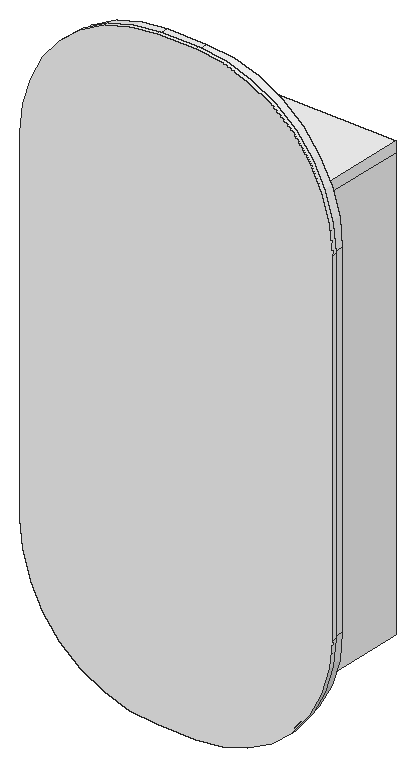
Revit family "Reece_Mirror_Kado_Lussi_Mirror Cabinet", category Casework, Revit 2018
Family settings
  Work Plane-Based = Yes
  Always vertical = Yes
  Cut with Voids When Loaded = Yes
  Shared = Yes
  Room Calculation Point = Yes
Parameters (values of type "480 mm x 950 mm x 162 mm_Satin White")
  URL = "https://www.reece.com.au/product/-2354003"
  Type Comments = "Mirror"
  Reece_Product_Web Page = "https://www.reece.com.au/product/-2354003"
  Reece_Product_Type = "Mirror"  # constant formula
  Reece_Product_Sub Brand = "Lussi"  # constant formula
  Reece_Product_Number = "2354003"
  Reece_Product_Mount = "Wall Mounted"
  Reece_Product_Finishes_Web Page = "https://digitalassets.reecegroup.com.au/m/66b8de795f9c984e/original/Material-Colour-and-Finish-Kado-Lussi-Vanity.pdf"
  Reece_Product_Description = "Kado Lussi 480mm Mirror Cabinet Satin White Painted Finish"
  Reece_Product_Brand = "Kado"  # constant formula
  Reece_Overall_Width = 480 mm
  Reece_Overall_Height = 950 mm  # constant formula
  Reece_Overall_Depth = 162 mm  # constant formula
  Reece_Mirror_Offset [instance] = if((Reece_Hinge_Left), 0 mm, Reece_Overall_Width - 415 mm - 65 mm)  # 0 mm
  Reece_Material_Secondary = Reece_Plastic_White
  Reece_Material_Main = Reece_Glass_Mirror
  Reece_Material_Cabinet = Reece_Solid_Surface_Matte_White
  Reece_Hinge_Right [instance] = not(Reece_Hinge_Left)  # no
  Reece_Hinge_Left [instance] = yes
  Reece_Height_From_Level [instance] = 1000 mm
  Reece_GPO_Right [instance] = if(or(Reece_GPO_Off, Reece_Hinge_Left), 1 = 0, 1 = 1)  # no
  Reece_GPO_Off [instance] = if(Reece_Double_Shelf, 1 = 1, 1 = 0)  # no
  Reece_GPO_Left [instance] = if(or(Reece_GPO_Off, Reece_Hinge_Right), 1 = 0, 1 = 1)  # yes
  Reece_Double_Shelf = no
  Reece_Detail_Shape = ""
  Reece_Detail_Installation = ""
  Reece_Detail_Disclaimer = "THIS FILE IS THE PROPERTY OF THE REECE GROUP. IT MAY NOT BE REPRODUCED, REVERSE-ENGINEERED OR MODIFIED. ANY REPUBLICATION, TRANSMISSION OR DISTRIBUTION FOR THE PURPOSE OF COMMERCIALLY EXPLOITING THE FILES IS PROHIBITED."  # constant formula
  Reece_Detail_Connector = ""
  Reece_Detail_Additional = ""
  Reece_Additional_Shelf_Offset [instance] = if(Reece_Hinge_Left, 0 mm, 415 mm + 32.5 mm)  # 0 mm
  Reece_Additional_Cabinet = Reece_Lussi Cabinet_Nested : Reece_Lussi Cabinet_Width 332.5mm
  Model = "Lussi"
  Manufacturer = "Kado"
  Keynote = "Product #2354003, Reece_Mirror_Kado_Lussi_Mirror Cabinet - 480 mm x 950 mm x 162 mm_Satin White"
  Disclaimer = "THIS FILE IS THE PROPERTY OF THE REECE GROUP. IT MAY NOT BE REPRODUCED, REVERSE-ENGINEERED OR MODIFIED. ANY REPUBLICATION, TRANSMISSION OR DISTRIBUTION FOR THE PURPOSE OF COMMERCIALLY EXPLOITING THE FILES IS PROHIBITED."  # constant formula
  Description = "Kado Lussi 480mm Mirror Cabinet Satin White Painted Finish"
  Default Elevation = 0 mm
Types (7, lengths in mm): name | URL | Reece_Product_Web Page | Reece_Product_Number | Reece_Product_Description | Reece_Overall_Width | Reece_Material_Cabinet | Reece_GPO_Off | Reece_GPO_Left | Reece_Double_Shelf | Reece_Additional_Cabinet | Keynote | Description
  (no name) | "https://www.reece.com.au/product/-2354004" | "https://www.reece.com.au/product/-2354004" | "2354004" | "Kado Lussi 780mm Mirror Cabinet Satin White Painted Finish" | 780 | Reece_Solid_Surface_Matte_White | yes | no | yes | Reece_Lussi Cabinet_Nested : Reece_Lussi Cabinet_Width 332.5mm | "Product #2354004, Reece_Mirror_Kado_Lussi_Mirror Cabinet -  " | "Kado Lussi 780mm Mirror Cabinet Satin White Painted Finish"
  780 mm x 950 mm x 162 mm_Timber | "https://www.reece.com.au/product/-2354004" | "https://www.reece.com.au/product/-2354004" | "2354004" | "Kado Lussi 780mm Mirror Cabinet Satin White Painted Finish" | 780 | Reece_Solid_Surface_Matte_White | yes | no | yes | Reece_Lussi Cabinet_Nested : Reece_Lussi Cabinet_Width 332.5mm | "Product #2354004, Reece_Mirror_Kado_Lussi_Mirror Cabinet - 780 mm x 950 mm x 162 mm_Timber" | "Kado Lussi 780mm Mirror Cabinet Satin White Painted Finish"
  780 mm x 950 mm x 162 mm_Satin White | "https://www.reece.com.au/product/-2354005" | "https://www.reece.com.au/product/-2354005" | "2354005" | "Kado Lussi 780mm Mirror Cabinet Satin White Painted Finish" | 780 | Reece_Oak_Cherry | yes | no | yes | Reece_Lussi Cabinet_Nested : Reece_Lussi Cabinet_Width 332.5mm | "Product #2354005, Reece_Mirror_Kado_Lussi_Mirror Cabinet - 780 mm x 950 mm x 162 mm_Satin White" | "Kado Lussi 780mm Mirror Cabinet Satin White Painted Finish"
  480 mm x 950 mm x 162 mm_Satin White | "https://www.reece.com.au/product/-2354003" | "https://www.reece.com.au/product/-2354003" | "2354003" | "Kado Lussi 480mm Mirror Cabinet Satin White Painted Finish" | 480 | Reece_Solid_Surface_Matte_White | no | yes | no | Reece_Lussi Cabinet_Nested : Reece_Lussi Cabinet_Width 332.5mm | "Product #2354003, Reece_Mirror_Kado_Lussi_Mirror Cabinet - 480 mm x 950 mm x 162 mm_Satin White" | "Kado Lussi 480mm Mirror Cabinet Satin White Painted Finish"
  480 mm x 950 mm x 162 mm_Timber | "https://www.reece.com.au/product/-2354002" | "https://www.reece.com.au/product/-2354002" | "2354002" | "Kado Lussi 480mm Mirror Cabinet Timber Finish" | 480 | Reece_Oak_Cherry | no | yes | no | Reece_Lussi Cabinet_Nested : Reece_Lussi Cabinet_Width 332.5mm | "Product #2354002, Reece_Mirror_Kado_Lussi_Mirror Cabinet - 480 mm x 950 mm x 162 mm_Timber" | "Kado Lussi 480mm Mirror Cabinet Timber Finish"
  1080 mm x 950 mm x 162 mm_Satin White | "https://www.reece.com.au/product/-2354007" | "https://www.reece.com.au/product/-2354007" | "2354007" | "Kado Lussi 1080mm Mirror Cabinet Satin White Painted Finish" | 1080 | Reece_Solid_Surface_Matte_White | yes | no | yes | Reece_Lussi Cabinet_Nested : Reece_Lussi Cabinet_Width 632.5mm | "Product #2354007, Reece_Mirror_Kado_Lussi_Mirror Cabinet - 1080 mm x 950 mm x 162 mm_Satin White" | "Kado Lussi 1080mm Mirror Cabinet Satin White Painted Finish"
  1080 mm x 950 mm x 162 mm_Timber | "https://www.reece.com.au/product/-2354006" | "https://www.reece.com.au/product/-2354006" | "2354006" | "Kado Lussi 1080mm Mirror Cabinet Timber Finish" | 1080 | Reece_Oak_Cherry | yes | no | yes | Reece_Lussi Cabinet_Nested : Reece_Lussi Cabinet_Width 632.5mm | "Product #2354006, Reece_Mirror_Kado_Lussi_Mirror Cabinet - 1080 mm x 950 mm x 162 mm_Timber" | "Kado Lussi 1080mm Mirror Cabinet Timber Finish"
Reference planes
  plane 1 "Center (Front/Back)": y = 0
  plane 2 "Bottom Host Plane": z = 0
  plane 3 "Center (Left/Right)": x = 0
  plane 4: x = -240
  plane 5 "Front Face": y = -162
  plane 6: x = 240
  plane 7 "Top Host Plane": z = 1950
  plane 8: z = 1475
  plane 9 "Back Mirror": y = -140
  plane 10: z = 1000
  plane 11: z = 1815
  plane 12: z = 1135
  plane 13: z = -5
  plane 14: x = -207.5
  plane 15: x = -207.5
  plane 16: x = 207.5
  plane 17: x = 0
  plane 18: x = 240
Lines and regions (mm)
  model lines, style "InvisibleLines"
    curve 1: line (0, 0, -5) -> (0, 0, 1000)
Text (mm)
  text "Reece ©" at (2750.254, -2396.412, 2870.147), in view "Reece Preview"
  text "Reece Copyright © 2018, Reece Ltd." at (-526.759, -443.435, 0), in view "Ref. Level"
Dimensions and locks
  equal spacing: plane 4, plane 3 "Center (Left/Right)", plane 6
  plane 5 "Front Face" to plane 1 "Center (Front/Back)" = 162 mm
  "Reece_Overall_Depth": plane 1 "Center (Front/Back)" to plane 5 "Front Face"
  equal spacing: plane 6, plane 3 "Center (Left/Right)", plane 4
  "Reece_Overall_Width": plane 6 to plane 4
  plane 9 "Back Mirror" to plane 5 "Front Face" = 22 mm
  equal spacing: plane 7 "Top Host Plane", plane 8, plane 10
  "Reece_Overall_Height": plane 7 "Top Host Plane" to plane 10
  "Reece_Height_From_Level": plane 10 to plane 2 "Bottom Host Plane"
  locked: plane 7 "Top Host Plane" to plane 11 at 135
  locked: plane 12 to plane 10 at 135
  plane 2 "Bottom Host Plane" to plane 13 = 5 mm
  locked: plane 14 to plane 4 at 32.5
  locked: plane 15 to plane 16 at 415
  "Reece_Mirror_Offset": plane 14 to plane 15
  equal spacing: plane 15, plane 17, plane 16
  "Reece_Additional_Shelf_Offset": plane 18 to plane 6
  aligned and locked: plane 8 to nested 1
  aligned and locked: plane 8 to nested 2
  aligned and locked: plane 11 to nested 2
  aligned and locked: plane 15 to nested 2
  aligned and locked: nested 1 to plane 17
  aligned and locked: plane 18 to nested 3
  aligned and locked: plane 8 to nested 3
  aligned and locked: plane 10 to curve 1
  aligned and locked: plane 13 to curve 1
  aligned and locked: plane 3 "Center (Left/Right)" to curve 1
Nested families
  nested 1: "Reece_Lussi Mirror_Nested" at (0, -140, 1000), type "1 Taphole_Vitreous China_White"
  nested 2: "Reece_Lussi Cabinet_Nested" at (16.5, 0, 1135), Reece_GPO_Left <- "Reece_Hinge_Right", Reece_GPO_Right <- "Reece_Hinge_Left", type "Reece_Lussi Cabinet_Width 415mm"
    with Reece_GPO_Right yes, Reece_GPO_Left no
  nested 3: "Reece_Lussi Cabinet_Nested" at (90.25, 0, 1135), type <- "Reece_Additional_Cabinet", visible <- "Reece_Double_Shelf", Reece_GPO_Left <- "Reece_GPO_Left", Reece_GPO_Right <- "Reece_GPO_Right", type "Reece_Lussi Cabinet_Width 332.5mm"
    with Reece_GPO_Right no, Reece_GPO_Left yes
Definition of nested family "Reece_Lussi Mirror_Nested"
  Parameters (values of type "1 Taphole_Vitreous China_White")
    Reece_Product_Web Page = ""
    Reece_Product_Type = ""
    Reece_Product_Sub Brand = ""
    Reece_Product_Number = ""
    Reece_Product_Mount = ""
    Reece_Product_Description = ""
    Reece_Product_Brand = ""
    Reece_Overall_Width = 480 mm
    Reece_Overall_Length = 200 mm
    Reece_Overall_Height = 200 mm
    Reece_Overall_Capacity = 0.00 L
    Reece_Material_Secondary = none
    Reece_Material_Main = none
    Reece_Detail_Shape = ""
    Reece_Detail_Installation = ""
    Reece_Detail_Connector = ""
    Reece_Detail_Additional = ""
    Reece_Basin_Supply Diameter 1 = 0 mm
    Reece_Basin_Outlet = 0 mm
    Default Elevation = 0 mm
  Reference planes
    plane 1 "Center (Front/Back)": y = 0
    plane 2 "Bottom Host Plane": z = 0
    plane 3 "Center (Left/Right)": x = 0
    plane 4: x = -240
    plane 5: y = -22
    plane 6: x = 240
    plane 7 "Top Host Plane": z = 950
    plane 8: z = 475
    plane 9: x = -30
    plane 10: x = 30
    plane 11: z = 675
    plane 12: z = 275
    plane 13: y = -16
  Forms (mm)
    Extrusion 1, solid, material <- "Reece_Material_Main"
      sketch origin (0, 0, 0) x (1, 0, 0) y (0, 0, 1)
        loop
          arc (-30, 950) -> (-178.492, 888.492) -> (-240, 740) r 210
          line (-240, 740) -> (-240, 210)
          arc (-240, 210) -> (-178.492, 61.508) -> (-30, 0) r 210
          line (-30, 0) -> (30, 0)
          arc (30, 0) -> (178.492, 61.508) -> (240, 210) r 210
          line (240, 210) -> (240, 740)
          arc (240, 740) -> (178.492, 888.492) -> (30, 950) r 210
          line (30, 950) -> (-30, 950)
      from 16 to 22
    Extrusion 2, solid, material <- "Reece_Material_Secondary"
      sketch origin (0, 0, 0) x (1, 0, 0) y (0, 0, 1)
        loop
          arc (-30, 947) -> (-176.371, 886.371) -> (-237, 740) r 207
          line (-237, 740) -> (-237, 210)
          arc (-237, 210) -> (-176.371, 63.629) -> (-30, 3) r 207
          line (-30, 3) -> (30, 3)
          arc (30, 3) -> (176.371, 63.629) -> (237, 210) r 207
          line (237, 210) -> (237, 740)
          arc (237, 740) -> (176.371, 886.371) -> (30, 947) r 207
          line (30, 947) -> (-30, 947)
      from 0 to 16
  Text (mm)
    text "Reece ©" at (2750.254, -2396.412, 2870.147), in view "Reece Preview"
    text "Reece Copyright © 2018, Reece Ltd." at (-526.759, -443.435, 0), in view "Ref. Level"
  Dimensions and locks
    "Reece_Overall_Width": plane 4 to plane 6
    equal spacing: plane 4, plane 3 "Center (Left/Right)", plane 6
    plane 1 "Center (Front/Back)" to plane 5 = 22 mm
    locked: plane 6 to plane 4 at 480
    equal spacing: plane 6, plane 3 "Center (Left/Right)", plane 4
    locked: plane 7 "Top Host Plane" to plane 2 "Bottom Host Plane" at 950
    equal spacing: plane 7 "Top Host Plane", plane 8, plane 2 "Bottom Host Plane"
    equal spacing: plane 10, plane 3 "Center (Left/Right)", plane 9
    locked: plane 10 to plane 9 at 60
    equal spacing: plane 11, plane 8, plane 12
    locked: plane 11 to plane 12 at 400
    locked: plane 13 to plane 5 at 6
    plane 1 "Center (Front/Back)" to plane 13 = 16 mm
    aligned and locked: plane 6 to Extrusion 1 sketch curve
    aligned and locked: plane 7 "Top Host Plane" to Extrusion 1 sketch curve
    aligned and locked: plane 4 to Extrusion 1 sketch curve
    aligned and locked: plane 5 to Extrusion 1
    aligned and locked: Extrusion 1 to plane 13
    aligned and locked: Extrusion 2 to plane 1 "Center (Front/Back)"
    aligned and locked: plane 13 to Extrusion 2
  Automatic sketch dimensions
    Extrusion 1 sketch curve to plane 9 = 0 mm  (x3)
    Extrusion 1 sketch curve to plane 10 = 0 mm  (x2)
    Extrusion 1 sketch curve to level = 0 mm
    plane 4 to Extrusion 2 sketch curve = 3 mm
    plane 7 "Top Host Plane" to Extrusion 2 sketch curve = 3 mm
    Extrusion 2 sketch curve to plane 9 = 0 mm  (x2)
    Extrusion 2 sketch curve to plane 10 = 0 mm
    plane 6 to Extrusion 2 sketch curve = 3 mm
    Extrusion 2 sketch curve to plane 12 = 65 mm
    level to Extrusion 2 sketch curve = 3 mm
Definition of nested family "Reece_Lussi Cabinet_Nested"
  Parameters (values of type "Reece_Lussi Cabinet_Width 632.5mm")
    Reece_Product_Web Page = ""
    Reece_Product_Type = ""
    Reece_Product_Sub Brand = ""
    Reece_Product_Number = ""
    Reece_Product_Mount = ""
    Reece_Product_Description = ""
    Reece_Product_Brand = ""
    Reece_Overall_Width = 632.5 mm
    Reece_Overall_Height = 680 mm  # constant formula
    Reece_Overall_Depth = 140 mm  # constant formula
    Reece_Material_Secondary = none
    Reece_Material_Main = none
    Reece_GPO_Right [instance] = yes
    Reece_GPO_Left [instance] = yes
    Reece_Divider_Visibility = no
    Reece_Detail_Shape = ""
    Reece_Detail_Installation = ""
    Reece_Detail_Connector = ""
    Reece_Detail_Additional = ""
    Default Elevation = 0 mm
  Types (3, lengths in mm): name | Reece_Overall_Width | Reece_Divider_Visibility
    Reece_Lussi Cabinet_Width 415mm | 415 | yes
    Reece_Lussi Cabinet_Width 632.5mm | 632.5 | no
    Reece_Lussi Cabinet_Width 332.5mm | 332.5 | no
  Reference planes
    plane 1 "Center (Front/Back)": y = 0
    plane 2 "Bottom Host Plane": z = 0
    plane 3 "Center (Left/Right)": x = -16.5
    plane 4: x = -332.75
    plane 5: y = -140
    plane 6: x = 299.75
    plane 7: z = 680
    plane 8: z = 664
    plane 9: x = -316.75
    plane 10: x = 283.75
    plane 11: z = 340
    plane 12: z = 16
    plane 13: x = 199
    plane 14: x = -8.5
    plane 15: x = -24.5
    plane 16: y = -16
    plane 17: z = 714
    plane 18: z = 216
    plane 19: z = 228
    plane 20: z = 452
    plane 21: z = 464
    plane 22: x = 137.625
    plane 23: x = -170.625
    plane 24: z = 85
    plane 25: y = -126
  Forms (mm)
    Extrusion 1, solid, material <- "Reece_Material_Main"
      sketch origin (0, 0, 0) x (1, 0, 0) y (0, 0, 1)
        loop
          line (-316.75, 16) -> (-316.75, 0) -> (283.75, 0) -> (283.75, 16) -> (-316.75, 16)
      from 0 to 140
    Extrusion 2, solid, material <- "Reece_Material_Main"
      sketch origin (0, 0, 0) x (1, 0, 0) y (0, 0, 1)
        loop
          line (-332.75, 680) -> (-332.75, 664) -> (299.75, 664) -> (299.75, 680) -> (-332.75, 680)
      from 0 to 140
    Extrusion 3, solid, material <- "Reece_Material_Main"
      sketch origin (0, 0, 0) x (1, 0, 0) y (0, 0, 1)
        loop
          line (-332.75, 664) -> (-332.75, 0) -> (-316.75, 0) -> (-316.75, 664) -> (-332.75, 664)
      from 0 to 140
    Extrusion 4, solid, material <- "Reece_Material_Main"
      sketch origin (0, 0, 0) x (1, 0, 0) y (0, 0, 1)
        loop
          line (283.75, 664) -> (283.75, 0) -> (299.75, 0) -> (299.75, 664) -> (283.75, 664)
      from 0 to 140
    Extrusion 5, solid, material <- "Reece_Material_Main"
      sketch origin (0, 0, 0) x (1, 0, 0) y (0, 0, 1)
        loop
          line (-316.75, 664) -> (-316.75, 16) -> (283.75, 16) -> (283.75, 664) -> (-316.75, 664)
      from 0 to 16
    Extrusion 6, solid, material <- "Reece_Material_Main"
      sketch origin (0, 0, 0) x (1, 0, 0) y (0, 0, 1)
        loop
          line (-316.75, 228) -> (-316.75, 216) -> (283.75, 216) -> (283.75, 228) -> (-316.75, 228)
      from 16 to 126
    Extrusion 7, solid, material <- "Reece_Material_Main"
      sketch origin (0, 0, 0) x (1, 0, 0) y (0, 0, 1)
        loop
          line (-316.75, 464) -> (-316.75, 452) -> (283.75, 452) -> (283.75, 464) -> (-316.75, 464)
      from 16 to 126
    Extrusion 8, solid, material <- "Reece_Material_Main", visible <- "Reece_Divider_Visibility"
      sketch origin (0, 0, 0) x (1, 0, 0) y (0, 0, 1)
        loop
          line (-24.5, 664) -> (-24.5, 16) -> (-8.5, 16) -> (-8.5, 664) -> (-24.5, 664)
      from 16 to 126
  Text (mm)
    text "Reece ©" at (2750.254, -2396.412, 2870.147), in view "Reece Preview"
    text "Reece Copyright © 2018, Reece Ltd." at (-526.759, -443.435, 0), in view "Ref. Level"
  Dimensions and locks
    "Reece_Overall_Depth": plane 5 to plane 1 "Center (Front/Back)"
    equal spacing: plane 6, plane 3 "Center (Left/Right)", plane 4
    "Reece_Overall_Width": plane 6 to plane 4
    locked: plane 7 to plane 8 at 16
    locked: plane 9 to plane 4 at 16
    locked: plane 10 to plane 6 at 16
    equal spacing: plane 7, plane 11, plane 2 "Bottom Host Plane"
    locked: plane 12 to plane 2 "Bottom Host Plane" at 16
    "Reece_Overall_Height": plane 7 to plane 2 "Bottom Host Plane"
    locked: plane 15 to plane 14 at 16
    "Reece_Overall_Depth": plane 1 "Center (Front/Back)" to plane 5
    locked: plane 1 "Center (Front/Back)" to plane 16 at 16
    locked: plane 18 to plane 12 at 200
    locked: plane 19 to plane 18 at 12
    plane 20 to plane 19 = 224 mm
    locked: plane 21 to plane 20 at 12
    locked: plane 8 to plane 21 at 200
    equal spacing: plane 14, plane 22, plane 10
    equal spacing: plane 9, plane 23, plane 15
    locked: plane 24 to plane 2 "Bottom Host Plane" at 85
    locked: plane 16 to plane 25 at 110
    aligned and locked: Extrusion 1 sketch curve to plane 12
    aligned and locked: plane 2 "Bottom Host Plane" to Extrusion 1 sketch curve
    aligned and locked: Extrusion 1 sketch curve to plane 9
    aligned and locked: plane 10 to Extrusion 1 sketch curve
    aligned and locked: plane 6 to Extrusion 2 sketch curve
    aligned and locked: Extrusion 2 sketch curve to plane 7
    aligned and locked: plane 8 to Extrusion 2 sketch curve
    aligned and locked: plane 4 to Extrusion 2 sketch curve
    aligned and locked: plane 9 to Extrusion 3 sketch curve
    aligned and locked: Extrusion 3 sketch curve to plane 8
    aligned and locked: plane 4 to Extrusion 3 sketch curve
    aligned and locked: plane 2 "Bottom Host Plane" to Extrusion 3 sketch curve
    aligned and locked: Extrusion 4 sketch curve to plane 10
    aligned and locked: Extrusion 4 sketch curve to plane 8
    aligned and locked: plane 6 to Extrusion 4 sketch curve
    aligned and locked: plane 2 "Bottom Host Plane" to Extrusion 4 sketch curve
    aligned and locked: plane 5 to Extrusion 3
    aligned and locked: plane 5 to Extrusion 4
    aligned and locked: plane 5 to Extrusion 2
    aligned and locked: plane 5 to Extrusion 1
    aligned and locked: plane 10 to Extrusion 5 sketch curve
    aligned and locked: plane 12 to Extrusion 5 sketch curve
    aligned and locked: Extrusion 5 sketch curve to plane 9
    aligned and locked: Extrusion 5 sketch curve to plane 8
    aligned and locked: Extrusion 3 to plane 1 "Center (Front/Back)"
    aligned and locked: Extrusion 5 to plane 16
    aligned and locked: plane 10 to Extrusion 6 sketch curve
    aligned and locked: Extrusion 6 sketch curve to plane 19
    aligned and locked: Extrusion 6 sketch curve to plane 9
    aligned and locked: plane 18 to Extrusion 6 sketch curve
    aligned and locked: plane 10 to Extrusion 7 sketch curve
    aligned and locked: plane 20 to Extrusion 7 sketch curve
    aligned and locked: Extrusion 7 sketch curve to plane 9
    aligned and locked: Extrusion 7 sketch curve to plane 21
    aligned and locked: plane 16 to Extrusion 7
    aligned and locked: plane 16 to Extrusion 6
    aligned and locked: nested 1 to plane 23
    aligned and locked: nested 2 to plane 22
    aligned and locked: nested 2 to plane 24
    aligned and locked: nested 1 to plane 24
    aligned and locked: plane 12 to Extrusion 8 sketch curve
    aligned and locked: Extrusion 8 sketch curve to plane 15
    aligned and locked: plane 14 to Extrusion 8 sketch curve
    aligned and locked: Extrusion 8 sketch curve to plane 8
    aligned and locked: plane 16 to Extrusion 8
    aligned and locked: Extrusion 6 to plane 25
    aligned and locked: Extrusion 7 to plane 25
    aligned and locked: Extrusion 8 to plane 25
  Nested families
    nested 1: "Reece_Mirror Cabinet_GPO_Nested" at (-170.625, -16, 85) x (1, 0, 0) z (0, -1, 0), visible <- "Reece_GPO_Left", type "Reece_Mirror Cabinet_GPO_Nested"
    nested 2: "Reece_Mirror Cabinet_GPO_Nested" at (137.625, -16, 85) x (1, 0, 0) z (0, -1, 0), visible <- "Reece_GPO_Right", type "Reece_Mirror Cabinet_GPO_Nested"
  Definition of nested family "Reece_Mirror Cabinet_GPO_Nested"
    Parameters (values of type "Reece_Mirror Cabinet_GPO_Nested")
      Waste Connection = no
      WFU = 0  # constant formula
      Vent Connection = no
      Reece_Product_Web Page = ""
      Reece_Product_Type = ""
      Reece_Product_Sub Brand = ""
      Reece_Product_Number = ""
      Reece_Product_Mount = ""
      Reece_Product_Description = ""
      Reece_Product_Brand = ""
      Reece_Overall_Width = 120 mm
      Reece_Overall_Height = 77 mm
      Reece_Overall_Depth = 7 mm
      Reece_Material_Main = none
      Reece_GPO_Depth = 5 mm
      Reece_Detail_Shape = ""
      Reece_Detail_Additional = ""
      HWFU = 0  # constant formula
      HW Connection = no
      Default Elevation = 0 mm
      CWFU = 0  # constant formula
      CW Connection = no
    Reference planes
      plane 1 "Center (Front/Back)": y = 0
      plane 2 "Bottom": z = 0
      plane 3 "Center (Left/Right)": x = 0
      plane 4 "Top": z = 5
      plane 5: x = -60
      plane 6: x = 60
      plane 7: y = 38.5
      plane 8: y = -38.5
      plane 9: x = -30
      plane 10: x = 30
      plane 11: y = 16.987
      plane 12: z = 7
    Forms (mm)
      Extrusion 1, solid
        sketch origin (619.2, -619.2, 0) x (1, 0, 0) y (0, 1, 0)
          loop
            line (-809.2, 779.2) -> (-809.2, 461.779) -> (-428.415, 461.779) -> (-428.415, 779.2) -> (-809.2, 779.2)
        from 0 to -9.564
      Extrusion 2, solid, material <- "Reece_Material_Main"
        sketch origin (0, 0, 0) x (1, 0, 0) y (0, 1, 0)
          loop
            arc (-55, 38.5) -> (-58.536, 37.036) -> (-60, 33.5) r 5
            line (-60, 33.5) -> (-60, -33.5)
            arc (-60, -33.5) -> (-58.536, -37.036) -> (-55, -38.5) r 5
            line (-55, -38.5) -> (55, -38.5)
            arc (55, -38.5) -> (58.536, -37.036) -> (60, -33.5) r 5
            line (60, -33.5) -> (60, 33.5)
            arc (60, 33.5) -> (58.536, 37.036) -> (55, 38.5) r 5
            line (55, 38.5) -> (-55, 38.5)
        from 0 to 5
      Extrusion 3, solid, material <- "Reece_Material_Main"
        sketch origin (0, 0, 0) x (1, 0, 0) y (0, 1, 0)
          loop
            arc (-35.5, 24.487) -> (-36.914, 23.901) -> (-37.5, 22.487) r 2
            line (-37.5, 22.487) -> (-37.5, 11.487)
            arc (-37.5, 11.487) -> (-36.914, 10.073) -> (-35.5, 9.487) r 2
            line (-35.5, 9.487) -> (-24.5, 9.487)
            arc (-24.5, 9.487) -> (-23.086, 10.073) -> (-22.5, 11.487) r 2
            line (-22.5, 11.487) -> (-22.5, 22.487)
            arc (-22.5, 22.487) -> (-23.086, 23.901) -> (-24.5, 24.487) r 2
            line (-24.5, 24.487) -> (-35.5, 24.487)
          loop
            arc (24.5, 24.487) -> (23.086, 23.901) -> (22.5, 22.487) r 2
            line (22.5, 22.487) -> (22.5, 11.487)
            arc (22.5, 11.487) -> (23.086, 10.073) -> (24.5, 9.487) r 2
            line (24.5, 9.487) -> (35.5, 9.487)
            arc (35.5, 9.487) -> (36.914, 10.073) -> (37.5, 11.487) r 2
            line (37.5, 11.487) -> (37.5, 22.487)
            arc (37.5, 22.487) -> (36.914, 23.901) -> (35.5, 24.487) r 2
            line (35.5, 24.487) -> (24.5, 24.487)
        from 5 to 7
      Extrusion 4, void
        sketch origin (0, 0, 0) x (1, 0, 0) y (0, 1, 0)
          loop
            line (-31, -16.472) -> (-31, -24.472) -> (-29, -24.472) -> (-29, -16.472) -> (-31, -16.472)
          loop
            line (-33.557, -5.789) -> (-38.7, -11.918) -> (-37.168, -13.203) -> (-32.025, -7.075) -> (-33.557, -5.789)
          loop
            line (-26.443, -5.789) -> (-27.975, -7.075) -> (-22.832, -13.203) -> (-21.3, -11.918) -> (-26.443, -5.789)
          loop
            line (29, -16.472) -> (29, -24.472) -> (31, -24.472) -> (31, -16.472) -> (29, -16.472)
          loop
            line (26.443, -5.789) -> (21.3, -11.918) -> (22.832, -13.203) -> (27.975, -7.075) -> (26.443, -5.789)
          loop
            line (33.557, -5.789) -> (32.025, -7.075) -> (37.168, -13.203) -> (38.7, -11.918) -> (33.557, -5.789)
        from 0 to 5
    Cuts and joins
      Extrusion 4 cuts Extrusion 2
    Text (mm)
      text "Reece Copyright © 2018, Reece Ltd." at (-1403.988, -1192.393, 0), in view "Ref. Level"
      text "Reece ©" at (44.384, 258.95, 192.345), in view "Reece Preview"
    Dimensions and locks
      "Reece_Overall_Width": plane 5 to plane 6
      equal spacing: plane 5, plane 3 "Center (Left/Right)", plane 6
      "Reece_Overall_Height": plane 7 to plane 8
      equal spacing: plane 7, plane 1 "Center (Front/Back)", plane 8
      plane 5 to plane 9 to plane 3 "Center (Left/Right)" to plane 10 to plane 6 = 30 mm, 30 mm, 30 mm, 30 mm
      Extrusion 3 sketch curve to Extrusion 3 sketch curve = 15 mm
      "Reece_GPO_Depth": plane 4 "Top" to plane 2 "Bottom"
      "Reece_Overall_Depth": plane 12 to plane 2 "Bottom"
      aligned and locked: plane 2 "Bottom" to Extrusion 1
      aligned and locked: level to Extrusion 1
      aligned and locked: Extrusion 2 sketch curve to plane 6
      aligned and locked: plane 8 to Extrusion 2 sketch curve
      aligned and locked: plane 5 to Extrusion 2 sketch curve
      aligned and locked: Extrusion 2 sketch curve to plane 7
      aligned and locked: plane 4 "Top" to Extrusion 2
      aligned and locked: plane 12 to Extrusion 3
      aligned and locked: Extrusion 3 to plane 4 "Top"
      aligned and locked: Extrusion 2 to plane 4 "Top"
      aligned and locked: Extrusion 2 to plane 2 "Bottom"
      aligned and locked: plane 4 "Top" to Extrusion 4
    Automatic sketch dimensions
      Extrusion 1 sketch curve to Extrusion 1 sketch curve = 380.785 mm
      Extrusion 1 sketch curve to Extrusion 1 sketch curve = 317.421 mm
      plane 5 to Extrusion 2 sketch curve = 5 mm  (x2)
      Extrusion 2 sketch curve to plane 6 = 5 mm  (x2)
      Extrusion 3 sketch curve to plane 9 = 7.5 mm
      Extrusion 3 sketch curve to Extrusion 3 sketch curve = 2 mm  (x7)
      Extrusion 3 sketch curve to plane 10 = 7.5 mm
      plane 10 to Extrusion 3 sketch curve = 5.5 mm  (x2)
      Extrusion 3 sketch curve to plane 11 = 7.5 mm  (x2)
      plane 11 to Extrusion 3 sketch curve = 5.5 mm  (x2)
      Extrusion 4 sketch curve to plane 9 = 8.7 mm
      Extrusion 4 sketch curve to Extrusion 4 sketch curve = 1.532 mm  (x4)
      Extrusion 4 sketch curve to plane 9 = 3.557 mm
      Extrusion 4 sketch curve to plane 9 = 1 mm
      plane 9 to Extrusion 4 sketch curve = 1 mm
      plane 9 to Extrusion 4 sketch curve = 2.025 mm
      Extrusion 4 sketch curve to Extrusion 4 sketch curve = 6.168 mm  (x2)
      Extrusion 4 sketch curve to plane 10 = 8.7 mm
      Extrusion 4 sketch curve to plane 10 = 3.557 mm
      Extrusion 4 sketch curve to plane 10 = 1 mm
      plane 10 to Extrusion 4 sketch curve = 1 mm
      plane 10 to Extrusion 4 sketch curve = 2.025 mm
      plane 8 to Extrusion 4 sketch curve = 14.028 mm  (x2)
      Extrusion 4 sketch curve to Extrusion 4 sketch curve = 8 mm  (x2)
      Extrusion 4 sketch curve to Extrusion 4 sketch curve = 3.268 mm  (x4)
      Extrusion 4 sketch curve to Extrusion 4 sketch curve = 1.286 mm  (x4)
